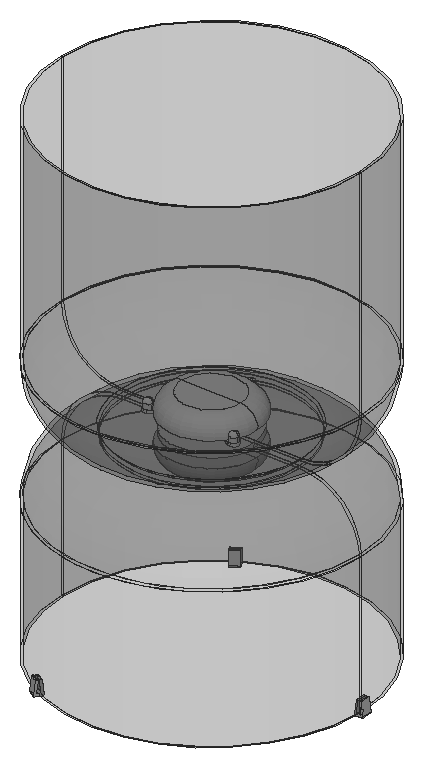
Revit family "Totem Table Light", category Lighting Fixtures, Revit 2020 (continued)
Forms (in)
  Revolve 22, solid, material "Steel, Paint Finish, Ivory, Glossy" <- "MATERIAL LIGHT PIECE ATTACHMENT", visible <- "TOTEM TABLE LIGHT CA"
    sketch origin (11.23831, 0, 18.0658) x (1, 0, 0) y (0, 0, 1)
      loop
        line (-2.11485, -13.57958) -> (-2.11485, -13.8158) -> (-0.52036, -13.8158) -> (-0.52036, -14.1908) -> (-2.27036, -14.1908)
        arc (-2.27036, -14.1908) -> (-2.07476, -14.83649) -> (-1.46027, -15.11501) r 0.81714
        line (-1.46027, -15.11501) -> (0.01315, -15.11501) -> (0.01315, -12.02544) -> (-1.46027, -12.02544)
        arc (-1.46027, -12.02544) -> (-2.07476, -12.30396) -> (-2.27036, -12.94965) r 0.81714
        line (-2.27036, -12.94965) -> (-0.36288, -12.94965) -> (-0.36288, -13.04808) -> (-0.97312, -13.04808) -> (-0.97312, -13.26462) -> (-0.52036, -13.26462) -> (-0.52036, -13.57958) -> (-2.11485, -13.57958)
      axis (0.01315, -15.11501) -> (0.01315, -12.02544)
    angle from 0 to 360
  Extrusion 23, solid, material "Steel, Paint Finish, Ivory, Glossy" <- "MATERIAL LIGHT PIECE ATTACHMENT", visible <- "TOTEM TABLE LIGHT CA"
    sketch origin (11.23831, 0, 18.0658) x (1, 0, 0) y (0, 1, 0)
      loop
        line (-1.33969, -0.4844) -> (-2.29436, -1.03558)
        arc (-2.29436, -1.03558) -> (-2.38082, -1.35827) -> (-2.05814, -1.44473) r 0.23622
        line (-2.05814, -1.44473) -> (-1.10347, -0.89355) -> (-1.33969, -0.4844)
      loop
        line (2.23789, -1.03558) -> (1.28322, -0.4844) -> (1.047, -0.89355) -> (2.00167, -1.44473)
        arc (2.00167, -1.44473) -> (2.32435, -1.35827) -> (2.23789, -1.03558) r 0.23622
      loop
        line (0.20799, 1.37795) -> (0.20799, 2.48032)
        arc (0.20799, 2.48032) -> (-0.02823, 2.71654) -> (-0.26446, 2.48032) r 0.23622
        line (-0.26446, 2.48032) -> (-0.26446, 1.37795) -> (0.20799, 1.37795)
    from -13.06904 to -12.94965
  Revolve 24, solid, material "Steel, Paint Finish, Ivory, Glossy" <- "MATERIAL LIGHT PIECE ATTACHMENT", visible <- "TOTEM TABLE LIGHT CA"
    sketch origin (11.23831, -1.24006, 18.0658) x (1, 0, 0) y (0, 0, 1)
      loop
        line (-2.37216, -12.94965) -> (-2.1761, -12.94965) -> (-2.1761, -12.52184) -> (-2.22145, -12.52184)
        arc (-2.22145, -12.52184) -> (-2.32988, -12.59016) -> (-2.37216, -12.71114) r 0.19424
        line (-2.37216, -12.71114) -> (-2.37216, -12.94965)
      axis (-2.1761, -12.94965) -> (-2.1761, -12.52184)
    angle from 0 to 360
  Revolve 25, solid, material "Steel, Paint Finish, Ivory, Glossy" <- "MATERIAL LIGHT PIECE ATTACHMENT", visible <- "TOTEM TABLE LIGHT CA"
    sketch origin (15.53434, -1.24006, 18.0658) x (1, 0, 0) y (0, 0, 1)
      loop
        line (-2.37216, -12.94965) -> (-2.1761, -12.94965) -> (-2.1761, -12.52184) -> (-2.22145, -12.52184)
        arc (-2.22145, -12.52184) -> (-2.32988, -12.59016) -> (-2.37216, -12.71114) r 0.19424
        line (-2.37216, -12.71114) -> (-2.37216, -12.94965)
      axis (-2.1761, -12.94965) -> (-2.1761, -12.52184)
    angle from 0 to 360
  Revolve 26, solid, material "Steel, Paint Finish, Ivory, Glossy" <- "MATERIAL LIGHT PIECE ATTACHMENT", visible <- "TOTEM TABLE LIGHT CA"
    sketch origin (13.38631, 2.48045, 18.0658) x (1, 0, 0) y (0, 0, 1)
      loop
        line (-2.37216, -12.94965) -> (-2.1761, -12.94965) -> (-2.1761, -12.52184) -> (-2.22145, -12.52184)
        arc (-2.22145, -12.52184) -> (-2.32988, -12.59016) -> (-2.37216, -12.71114) r 0.19424
        line (-2.37216, -12.71114) -> (-2.37216, -12.94965)
      axis (-2.1761, -12.94965) -> (-2.1761, -12.52184)
    angle from 0 to 360
  Revolve 27, solid, material "Cloth, Lamp Shade" <- "MATERIAL LIGHT PIECE", visible <- "TOTEM TABLE LIGHT CA"
    sketch origin (11.23831, 0, -7.7908) x (1, 0, 0) y (0, 0, 1)
      loop
        line (-7.49624, 26.27702) -> (-7.49624, 15.27702)
        arc (-7.49624, 15.27702) -> (-6.58157, 13.1196) -> (-4.39499, 12.27702) r 3.00165
        line (-4.39499, 12.27702) -> (0.02067, 12.27702) -> (0.02067, 12.40202) -> (-4.4761, 12.40202)
        arc (-4.4761, 12.40202) -> (-6.52327, 13.24999) -> (-7.37124, 15.29716) r 2.89514
        line (-7.37124, 15.29716) -> (-7.37124, 26.27702) -> (-7.49624, 26.27702)
      axis (0.02067, 12.27702) -> (0.02067, 26.27702)
    angle from 0 to 360
  Extrusion 28, solid, material "Steel, Paint Finish, Ivory, Glossy" <- "MATERIAL LIGHT PIECE ATTACHMENT", visible <- "TOTEM TABLE LIGHT CA"
    sketch origin (54.8095, -24.84414, 5.90663) x (1, 0, 0) y (0, 0, 1)
      loop
        line (-36.00226, -5.90323) -> (-36.21328, -5.90323) -> (-36.1562, -5.33237) -> (-36.23533, -5.33237) -> (-36.30187, -5.99774)
        arc (-36.30187, -5.99774) -> (-36.29188, -6.02808) -> (-36.26269, -6.04103) r 0.03937
        line (-36.26269, -6.04103) -> (-35.95128, -6.04103)
        arc (-35.95128, -6.04103) -> (-35.92314, -6.02804) -> (-35.91359, -5.99855) r 0.03864
        line (-35.91359, -5.99855) -> (-35.98021, -5.33237) -> (-36.05934, -5.33237) -> (-36.00226, -5.90323)
    from -25.22435 to -24.75191
  Extrusion 29, solid, material "Steel, Paint Finish, Ivory, Glossy" <- "MATERIAL LIGHT PIECE ATTACHMENT", visible <- "TOTEM TABLE LIGHT CA"
    sketch origin (-31.99248, -25.29753, 5.90663) x (-0.500216, -0.865901, 0) y (0, 0, 1)
      loop
        line (-36.00226, -5.90323) -> (-36.21328, -5.90323) -> (-36.1562, -5.33237) -> (-36.23533, -5.33237) -> (-36.30187, -5.99774)
        arc (-36.30187, -5.99774) -> (-36.29188, -6.02808) -> (-36.26269, -6.04103) r 0.03937
        line (-36.26269, -6.04103) -> (-35.95128, -6.04103)
        arc (-35.95128, -6.04103) -> (-35.92314, -6.02804) -> (-35.91359, -5.99855) r 0.03864
        line (-35.91359, -5.99855) -> (-35.98021, -5.33237) -> (-36.05934, -5.33237) -> (-36.00226, -5.90323)
    from -25.22435 to -24.75191
  Extrusion 30, solid, material "Steel, Paint Finish, Ivory, Glossy" <- "MATERIAL LIGHT PIECE ATTACHMENT", visible <- "TOTEM TABLE LIGHT CA"
    sketch origin (10.95301, 50.11178, 5.90663) x (-0.499769, 0.866159, 0) y (0, 0, 1)
      loop
        line (-36.00226, -5.90323) -> (-36.21328, -5.90323) -> (-36.1562, -5.33237) -> (-36.23533, -5.33237) -> (-36.30187, -5.99774)
        arc (-36.30187, -5.99774) -> (-36.29188, -6.02808) -> (-36.26269, -6.04103) r 0.03937
        line (-36.26269, -6.04103) -> (-35.95128, -6.04103)
        arc (-35.95128, -6.04103) -> (-35.92314, -6.02804) -> (-35.91359, -5.99855) r 0.03864
        line (-35.91359, -5.99855) -> (-35.98021, -5.33237) -> (-36.05934, -5.33237) -> (-36.00226, -5.90323)
    from -25.22435 to -24.75191
  Revolve 31, solid, material "Cloth, Lamp Shade" <- "MATERIAL LIGHT PIECE", visible <- "TOTEM TABLE LIGHT CB"
    sketch origin (11.23831, 0, 27.77308) x (1, 0, 0) y (0, 0, 1)
      loop
        line (-7.49624, -27.77308) -> (-7.37124, -27.77308) -> (-7.37124, -20.70431)
        arc (-7.37124, -20.70431) -> (-6.44438, -18.71061) -> (-4.40142, -17.89808) r 2.97459
        line (-4.40142, -17.89808) -> (0.02067, -17.89808) -> (0.02067, -17.77308) -> (-4.39499, -17.77308)
        arc (-4.39499, -17.77308) -> (-6.58157, -18.61567) -> (-7.49624, -20.77308) r 3.00165
        line (-7.49624, -20.77308) -> (-7.49624, -27.77308)
      axis (0.02067, -17.77308) -> (0.02067, -27.77308)
    angle from 0 to 360
  Revolve 32, solid, material "Steel, Paint Finish, Ivory, Glossy" <- "MATERIAL LIGHT PIECE ATTACHMENT", visible <- "TOTEM TABLE LIGHT CB"
    sketch origin (11.23831, 0, 23.8158) x (1, 0, 0) y (0, 0, 1)
      loop
        line (-2.11485, -13.57958) -> (-2.11485, -13.8158) -> (-0.52036, -13.8158) -> (-0.52036, -14.1908) -> (-2.27036, -14.1908)
        arc (-2.27036, -14.1908) -> (-2.07476, -14.83649) -> (-1.46027, -15.11501) r 0.81714
        line (-1.46027, -15.11501) -> (0.01315, -15.11501) -> (0.01315, -12.02544) -> (-1.46027, -12.02544)
        arc (-1.46027, -12.02544) -> (-2.07476, -12.30396) -> (-2.27036, -12.94965) r 0.81714
        line (-2.27036, -12.94965) -> (-0.36288, -12.94965) -> (-0.36288, -13.04808) -> (-0.97312, -13.04808) -> (-0.97312, -13.26462) -> (-0.52036, -13.26462) -> (-0.52036, -13.57958) -> (-2.11485, -13.57958)
      axis (0.01315, -15.11501) -> (0.01315, -12.02544)
    angle from 0 to 360
  Extrusion 33, solid, material "Steel, Paint Finish, Ivory, Glossy" <- "MATERIAL LIGHT PIECE ATTACHMENT", visible <- "TOTEM TABLE LIGHT CB"
    sketch origin (11.23831, 0, 23.8158) x (1, 0, 0) y (0, 1, 0)
      loop
        line (-1.33969, -0.4844) -> (-2.29436, -1.03558)
        arc (-2.29436, -1.03558) -> (-2.38082, -1.35827) -> (-2.05814, -1.44473) r 0.23622
        line (-2.05814, -1.44473) -> (-1.10347, -0.89355) -> (-1.33969, -0.4844)
      loop
        line (2.23789, -1.03558) -> (1.28322, -0.4844) -> (1.047, -0.89355) -> (2.00167, -1.44473)
        arc (2.00167, -1.44473) -> (2.32435, -1.35827) -> (2.23789, -1.03558) r 0.23622
      loop
        line (0.20799, 1.37795) -> (0.20799, 2.48032)
        arc (0.20799, 2.48032) -> (-0.02823, 2.71654) -> (-0.26446, 2.48032) r 0.23622
        line (-0.26446, 2.48032) -> (-0.26446, 1.37795) -> (0.20799, 1.37795)
    from -13.06904 to -12.94965
  Revolve 34, solid, material "Steel, Paint Finish, Ivory, Glossy" <- "MATERIAL LIGHT PIECE ATTACHMENT", visible <- "TOTEM TABLE LIGHT CB"
    sketch origin (11.23831, -1.24006, 23.8158) x (1, 0, 0) y (0, 0, 1)
      loop
        line (-2.37216, -12.94965) -> (-2.1761, -12.94965) -> (-2.1761, -12.52184) -> (-2.22145, -12.52184)
        arc (-2.22145, -12.52184) -> (-2.32988, -12.59016) -> (-2.37216, -12.71114) r 0.19424
        line (-2.37216, -12.71114) -> (-2.37216, -12.94965)
      axis (-2.1761, -12.94965) -> (-2.1761, -12.52184)
    angle from 0 to 360
  Revolve 35, solid, material "Steel, Paint Finish, Ivory, Glossy" <- "MATERIAL LIGHT PIECE ATTACHMENT", visible <- "TOTEM TABLE LIGHT CB"
    sketch origin (15.53434, -1.24006, 23.8158) x (1, 0, 0) y (0, 0, 1)
      loop
        line (-2.37216, -12.94965) -> (-2.1761, -12.94965) -> (-2.1761, -12.52184) -> (-2.22145, -12.52184)
        arc (-2.22145, -12.52184) -> (-2.32988, -12.59016) -> (-2.37216, -12.71114) r 0.19424
        line (-2.37216, -12.71114) -> (-2.37216, -12.94965)
      axis (-2.1761, -12.94965) -> (-2.1761, -12.52184)
    angle from 0 to 360
  Revolve 36, solid, material "Steel, Paint Finish, Ivory, Glossy" <- "MATERIAL LIGHT PIECE ATTACHMENT", visible <- "TOTEM TABLE LIGHT CB"
    sketch origin (13.38631, 2.48045, 23.8158) x (1, 0, 0) y (0, 0, 1)
      loop
        line (-2.37216, -12.94965) -> (-2.1761, -12.94965) -> (-2.1761, -12.52184) -> (-2.22145, -12.52184)
        arc (-2.22145, -12.52184) -> (-2.32988, -12.59016) -> (-2.37216, -12.71114) r 0.19424
        line (-2.37216, -12.71114) -> (-2.37216, -12.94965)
      axis (-2.1761, -12.94965) -> (-2.1761, -12.52184)
    angle from 0 to 360
  Revolve 37, solid, material "Cloth, Lamp Shade" <- "MATERIAL LIGHT PIECE", visible <- "TOTEM TABLE LIGHT CB"
    sketch origin (11.23831, 0, -2.0408) x (1, 0, 0) y (0, 0, 1)
      loop
        line (-7.49624, 22.27702) -> (-7.49624, 15.27702)
        arc (-7.49624, 15.27702) -> (-6.58157, 13.1196) -> (-4.39499, 12.27702) r 3.00165
        line (-4.39499, 12.27702) -> (0.02067, 12.27702) -> (0.02067, 12.40202) -> (-4.4761, 12.40202)
        arc (-4.4761, 12.40202) -> (-6.52327, 13.24999) -> (-7.37124, 15.29716) r 2.89514
        line (-7.37124, 15.29716) -> (-7.37124, 22.27702) -> (-7.49624, 22.27702)
      axis (0.02067, 12.27702) -> (0.02067, 22.27702)
    angle from 0 to 360
  Extrusion 38, solid, material "Steel, Paint Finish, Ivory, Glossy" <- "MATERIAL LIGHT PIECE ATTACHMENT", visible <- "TOTEM TABLE LIGHT CB"
    sketch origin (54.8095, -24.84414, 5.90663) x (1, 0, 0) y (0, 0, 1)
      loop
        line (-36.00226, -5.90323) -> (-36.21328, -5.90323) -> (-36.1562, -5.33237) -> (-36.23533, -5.33237) -> (-36.30187, -5.99774)
        arc (-36.30187, -5.99774) -> (-36.29188, -6.02808) -> (-36.26269, -6.04103) r 0.03937
        line (-36.26269, -6.04103) -> (-35.95128, -6.04103)
        arc (-35.95128, -6.04103) -> (-35.92314, -6.02804) -> (-35.91359, -5.99855) r 0.03864
        line (-35.91359, -5.99855) -> (-35.98021, -5.33237) -> (-36.05934, -5.33237) -> (-36.00226, -5.90323)
    from -25.22435 to -24.75191
  Extrusion 39, solid, material "Steel, Paint Finish, Ivory, Glossy" <- "MATERIAL LIGHT PIECE ATTACHMENT", visible <- "TOTEM TABLE LIGHT CB"
    sketch origin (-31.99248, -25.29753, 5.90663) x (-0.500216, -0.865901, 0) y (0, 0, 1)
      loop
        line (-36.00226, -5.90323) -> (-36.21328, -5.90323) -> (-36.1562, -5.33237) -> (-36.23533, -5.33237) -> (-36.30187, -5.99774)
        arc (-36.30187, -5.99774) -> (-36.29188, -6.02808) -> (-36.26269, -6.04103) r 0.03937
        line (-36.26269, -6.04103) -> (-35.95128, -6.04103)
        arc (-35.95128, -6.04103) -> (-35.92314, -6.02804) -> (-35.91359, -5.99855) r 0.03864
        line (-35.91359, -5.99855) -> (-35.98021, -5.33237) -> (-36.05934, -5.33237) -> (-36.00226, -5.90323)
    from -25.22435 to -24.75191
  Extrusion 40, solid, material "Steel, Paint Finish, Ivory, Glossy" <- "MATERIAL LIGHT PIECE ATTACHMENT", visible <- "TOTEM TABLE LIGHT CB"
    sketch origin (10.95301, 50.11178, 5.90663) x (-0.499769, 0.866159, 0) y (0, 0, 1)
      loop
        line (-36.00226, -5.90323) -> (-36.21328, -5.90323) -> (-36.1562, -5.33237) -> (-36.23533, -5.33237) -> (-36.30187, -5.99774)
        arc (-36.30187, -5.99774) -> (-36.29188, -6.02808) -> (-36.26269, -6.04103) r 0.03937
        line (-36.26269, -6.04103) -> (-35.95128, -6.04103)
        arc (-35.95128, -6.04103) -> (-35.92314, -6.02804) -> (-35.91359, -5.99855) r 0.03864
        line (-35.91359, -5.99855) -> (-35.98021, -5.33237) -> (-36.05934, -5.33237) -> (-36.00226, -5.90323)
    from -25.22435 to -24.75191
  Revolve 41, solid, material "Cloth, Lamp Shade" <- "MATERIAL LIGHT PIECE", visible <- "TOTEM TABLE LIGHT CC"
    sketch origin (11.23831, 0, 27.77308) x (1, 0, 0) y (0, 0, 1)
      loop
        line (-7.49624, -27.77308) -> (-7.37124, -27.77308) -> (-7.37124, -20.70431)
        arc (-7.37124, -20.70431) -> (-6.44438, -18.71061) -> (-4.40142, -17.89808) r 2.97459
        line (-4.40142, -17.89808) -> (0.02067, -17.89808) -> (0.02067, -17.77308) -> (-4.39499, -17.77308)
        arc (-4.39499, -17.77308) -> (-6.58157, -18.61567) -> (-7.49624, -20.77308) r 3.00165
        line (-7.49624, -20.77308) -> (-7.49624, -27.77308)
      axis (0.02067, -17.77308) -> (0.02067, -27.77308)
    angle from 0 to 360
  Revolve 42, solid, material "Steel, Paint Finish, Ivory, Glossy" <- "MATERIAL LIGHT PIECE ATTACHMENT", visible <- "TOTEM TABLE LIGHT CC"
    sketch origin (11.23831, 0, 23.8158) x (1, 0, 0) y (0, 0, 1)
      loop
        line (-2.11485, -13.57958) -> (-2.11485, -13.8158) -> (-0.52036, -13.8158) -> (-0.52036, -14.1908) -> (-2.27036, -14.1908)
        arc (-2.27036, -14.1908) -> (-2.07476, -14.83649) -> (-1.46027, -15.11501) r 0.81714
        line (-1.46027, -15.11501) -> (0.01315, -15.11501) -> (0.01315, -12.02544) -> (-1.46027, -12.02544)
        arc (-1.46027, -12.02544) -> (-2.07476, -12.30396) -> (-2.27036, -12.94965) r 0.81714
        line (-2.27036, -12.94965) -> (-0.36288, -12.94965) -> (-0.36288, -13.04808) -> (-0.97312, -13.04808) -> (-0.97312, -13.26462) -> (-0.52036, -13.26462) -> (-0.52036, -13.57958) -> (-2.11485, -13.57958)
      axis (0.01315, -15.11501) -> (0.01315, -12.02544)
    angle from 0 to 360
  Extrusion 43, solid, material "Steel, Paint Finish, Ivory, Glossy" <- "MATERIAL LIGHT PIECE ATTACHMENT", visible <- "TOTEM TABLE LIGHT CC"
    sketch origin (11.23831, 0, 23.8158) x (1, 0, 0) y (0, 1, 0)
      loop
        line (-1.33969, -0.4844) -> (-2.29436, -1.03558)
        arc (-2.29436, -1.03558) -> (-2.38082, -1.35827) -> (-2.05814, -1.44473) r 0.23622
        line (-2.05814, -1.44473) -> (-1.10347, -0.89355) -> (-1.33969, -0.4844)
      loop
        line (2.23789, -1.03558) -> (1.28322, -0.4844) -> (1.047, -0.89355) -> (2.00167, -1.44473)
        arc (2.00167, -1.44473) -> (2.32435, -1.35827) -> (2.23789, -1.03558) r 0.23622
      loop
        line (0.20799, 1.37795) -> (0.20799, 2.48032)
        arc (0.20799, 2.48032) -> (-0.02823, 2.71654) -> (-0.26446, 2.48032) r 0.23622
        line (-0.26446, 2.48032) -> (-0.26446, 1.37795) -> (0.20799, 1.37795)
    from -13.06904 to -12.94965
  Revolve 44, solid, material "Steel, Paint Finish, Ivory, Glossy" <- "MATERIAL LIGHT PIECE ATTACHMENT", visible <- "TOTEM TABLE LIGHT CC"
    sketch origin (11.23831, -1.24006, 23.8158) x (1, 0, 0) y (0, 0, 1)
      loop
        line (-2.37216, -12.94965) -> (-2.1761, -12.94965) -> (-2.1761, -12.52184) -> (-2.22145, -12.52184)
        arc (-2.22145, -12.52184) -> (-2.32988, -12.59016) -> (-2.37216, -12.71114) r 0.19424
        line (-2.37216, -12.71114) -> (-2.37216, -12.94965)
      axis (-2.1761, -12.94965) -> (-2.1761, -12.52184)
    angle from 0 to 360
  Revolve 45, solid, material "Steel, Paint Finish, Ivory, Glossy" <- "MATERIAL LIGHT PIECE ATTACHMENT", visible <- "TOTEM TABLE LIGHT CC"
    sketch origin (15.53434, -1.24006, 23.8158) x (1, 0, 0) y (0, 0, 1)
      loop
        line (-2.37216, -12.94965) -> (-2.1761, -12.94965) -> (-2.1761, -12.52184) -> (-2.22145, -12.52184)
        arc (-2.22145, -12.52184) -> (-2.32988, -12.59016) -> (-2.37216, -12.71114) r 0.19424
        line (-2.37216, -12.71114) -> (-2.37216, -12.94965)
      axis (-2.1761, -12.94965) -> (-2.1761, -12.52184)
    angle from 0 to 360
  Revolve 46, solid, material "Steel, Paint Finish, Ivory, Glossy" <- "MATERIAL LIGHT PIECE ATTACHMENT", visible <- "TOTEM TABLE LIGHT CC"
    sketch origin (13.38631, 2.48045, 23.8158) x (1, 0, 0) y (0, 0, 1)
      loop
        line (-2.37216, -12.94965) -> (-2.1761, -12.94965) -> (-2.1761, -12.52184) -> (-2.22145, -12.52184)
        arc (-2.22145, -12.52184) -> (-2.32988, -12.59016) -> (-2.37216, -12.71114) r 0.19424
        line (-2.37216, -12.71114) -> (-2.37216, -12.94965)
      axis (-2.1761, -12.94965) -> (-2.1761, -12.52184)
    angle from 0 to 360
  Revolve 47, solid, material "Cloth, Lamp Shade" <- "MATERIAL LIGHT PIECE", visible <- "TOTEM TABLE LIGHT CC"
    sketch origin (11.23831, 0, -2.0408) x (1, 0, 0) y (0, 0, 1)
      loop
        line (-7.49624, 26.27702) -> (-7.49624, 15.27702)
        arc (-7.49624, 15.27702) -> (-6.58157, 13.1196) -> (-4.39499, 12.27702) r 3.00165
        line (-4.39499, 12.27702) -> (0.02067, 12.27702) -> (0.02067, 12.40202) -> (-4.4761, 12.40202)
        arc (-4.4761, 12.40202) -> (-6.52327, 13.24999) -> (-7.37124, 15.29716) r 2.89514
        line (-7.37124, 15.29716) -> (-7.37124, 26.27702) -> (-7.49624, 26.27702)
      axis (0.02067, 12.27702) -> (0.02067, 26.27702)
    angle from 0 to 360
  Extrusion 48, solid, material "Steel, Paint Finish, Ivory, Glossy" <- "MATERIAL LIGHT PIECE ATTACHMENT", visible <- "TOTEM TABLE LIGHT CC"
    sketch origin (54.8095, -24.84414, 5.90663) x (1, 0, 0) y (0, 0, 1)
      loop
        line (-36.00226, -5.90323) -> (-36.21328, -5.90323) -> (-36.1562, -5.33237) -> (-36.23533, -5.33237) -> (-36.30187, -5.99774)
        arc (-36.30187, -5.99774) -> (-36.29188, -6.02808) -> (-36.26269, -6.04103) r 0.03937
        line (-36.26269, -6.04103) -> (-35.95128, -6.04103)
        arc (-35.95128, -6.04103) -> (-35.92314, -6.02804) -> (-35.91359, -5.99855) r 0.03864
        line (-35.91359, -5.99855) -> (-35.98021, -5.33237) -> (-36.05934, -5.33237) -> (-36.00226, -5.90323)
    from -25.22435 to -24.75191
  Extrusion 49, solid, material "Steel, Paint Finish, Ivory, Glossy" <- "MATERIAL LIGHT PIECE ATTACHMENT", visible <- "TOTEM TABLE LIGHT CC"
    sketch origin (-31.99248, -25.29753, 5.90663) x (-0.500216, -0.865901, 0) y (0, 0, 1)
      loop
        line (-36.00226, -5.90323) -> (-36.21328, -5.90323) -> (-36.1562, -5.33237) -> (-36.23533, -5.33237) -> (-36.30187, -5.99774)
        arc (-36.30187, -5.99774) -> (-36.29188, -6.02808) -> (-36.26269, -6.04103) r 0.03937
        line (-36.26269, -6.04103) -> (-35.95128, -6.04103)
        arc (-35.95128, -6.04103) -> (-35.92314, -6.02804) -> (-35.91359, -5.99855) r 0.03864
        line (-35.91359, -5.99855) -> (-35.98021, -5.33237) -> (-36.05934, -5.33237) -> (-36.00226, -5.90323)
    from -25.22435 to -24.75191
  Extrusion 50, solid, material "Steel, Paint Finish, Ivory, Glossy" <- "MATERIAL LIGHT PIECE ATTACHMENT", visible <- "TOTEM TABLE LIGHT CC"
    sketch origin (10.95301, 50.11178, 5.90663) x (-0.499769, 0.866159, 0) y (0, 0, 1)
      loop
        line (-36.00226, -5.90323) -> (-36.21328, -5.90323) -> (-36.1562, -5.33237) -> (-36.23533, -5.33237) -> (-36.30187, -5.99774)
        arc (-36.30187, -5.99774) -> (-36.29188, -6.02808) -> (-36.26269, -6.04103) r 0.03937
        line (-36.26269, -6.04103) -> (-35.95128, -6.04103)
        arc (-35.95128, -6.04103) -> (-35.92314, -6.02804) -> (-35.91359, -5.99855) r 0.03864
        line (-35.91359, -5.99855) -> (-35.98021, -5.33237) -> (-36.05934, -5.33237) -> (-36.00226, -5.90323)
    from -25.22435 to -24.75191
Dimensions and locks (in)
  Revolve 7 sketch curve to Revolve 7 sketch curve = 0' - 4 1/4"
  Revolve 27 sketch curve to Revolve 27 sketch curve = 1' - 2"
  Revolve 31 sketch curve to Revolve 31 sketch curve = 0' - 10"
  Revolve 41 sketch curve to Revolve 41 sketch curve = 0' - 10"
  Revolve 47 sketch curve to Revolve 47 sketch curve = 1' - 2"
  aligned and locked: level to plane 2
Types (6): name | TOTEM TABLE LIGHT CC | TOTEM TABLE LIGHT CB | TOTEM TABLE LIGHT CA | TOTEM TABLE LIGHT BB | TOTEM TABLE LIGHT BA
  (no name) | yes | no | no | no | no
  Totem Table Light BA | no | no | no | no | yes
  Totem Table Light BB | no | no | no | yes | no
  Totem Table Light CA | no | no | yes | no | no
  Totem Table Light CB | no | yes | no | no | no
  Totem Table Light CC | yes | no | no | no | no
